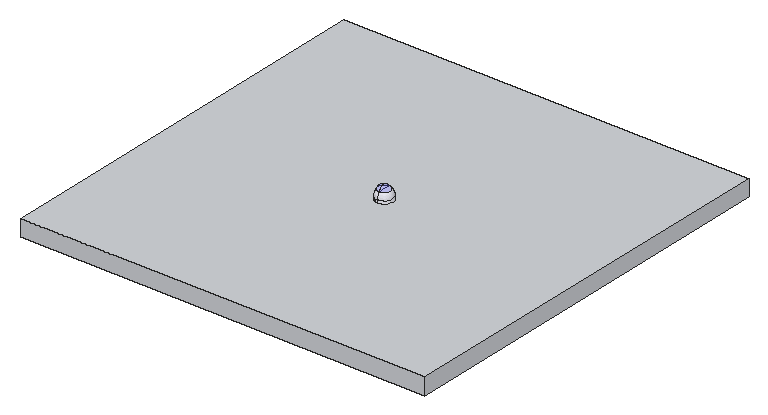
Revit family "BEG-92530", category Dispositifs d'éclairage, Revit 2015
Parameters
  Detection zone [instance] = yes
  URL = "http://www.luxomat.com/en-92530"
  Type of output = "DALI (50 ballasts max)"
  Ambiant temperature = "-25°C to +50°C"
  Ref = "92530"
  Relay = "0"
  height position [instance] = 250 cm
  Modèle = "PD4-M-Dali/DSI-C-SM"
  Installation type = "Ceiling"
  Brand = "LUXOMAT"
  Image du type = 92530.jpg
  IP = "20"
  Mounting height max = Installation height max  # 270 cm
  Installation height max = 270 cm
  Fabricant = "B.E.G"
  Label [instance] = yes
  Default Elevation = 0 cm
  Consumption = "0.84W"
  Commentaires du type = "Occupancy detector PD4-M-Dali/DSI-C-SM"
  Code d'assemblage = "D5010200"
  Class = "2"
  Switching power LED = "0"
  Switching power Cos ɸ =1 = "0"
  Switching power Cos ɸ =0,5 = "0"
  Power voltage = "110-240 V AC"
Reference planes (cm)
  plane 1 "Centre (avant/arrière)": y = 0
  plane 2: z = 0
  plane 3 "Centre (gauche/droite)": x = 0
Forms (cm)
  Extrusion 1, solid
    sketch origin (0, 0, 0) x (1, 0, 0) y (0, 1, 0)
      loop
        line (-121.92, 121.92) -> (-121.92, -121.92) -> (121.92, -121.92) -> (121.92, 121.92) -> (-121.92, 121.92)
    from 0 to -10
Dimensions and locks (cm)
  aligned and locked: plane 2 to Extrusion 1
  aligned and locked: level to Extrusion 1
  aligned and locked: nested 2 to plane 2
Nested families (cm)
  nested 1: "Famille1" at (0, -72.6659, 0) x (-1, 0, 0) z (0, 0, 1), reference <- "Ref", modele <- "Modèle", visible <- "Label", type "Famille1"
    with reference "92530", modele "PD4-M-Dali/DSI-C-SM"
  nested 2: "M14" at (0, 0, 0), type "Standard"
  nested 3: "Symbole plafond 2D couloir" at (0, 0.102, 0), type "Symbole plafond 2D couloir"
  nested 4: "zone I" at (0, 0, 0), visible <- "Detection zone", type "zone I"
    with position 2 320 cm, position 1 960 cm, frontal 800 cm, biais 2400 cm, activité assise 640 cm
Connectors (cm)
  electrical at (0.5717, -0.15, -5.1)
    settings: on nested 2, index 1, voltage 240 V, apparent load 0 VA, apparent load phase1 0 VA, apparent load phase2 0 VA, apparent load phase3 0 VA, power factor 1, load classification "Eclairage", number of poles 1, system type 31, power factor state 1, is connector primary yes, connector utility no, sub classification motor no, connector description ""
Definition of nested family "M14"
  Reference planes (cm)
    plane 1 "Centre (avant/arrière)": y = 0
    plane 2: z = 0
    plane 3 "Centre (gauche/droite)": x = 0
    plane 4: x = 0
  Forms (cm)
    Revolve 1, solid
      sketch origin (0, 0, 0) x (0, -1, 0) y (0, 0, 1)
        loop
          line (0, 0) -> (0, 5) -> (-3.8, 5)
          arc (-3.8, 5) -> (-4.577, 3.2225) -> (-4.8363, 1.3) r 7
          line (-4.8363, 1.3) -> (-4.9363, 1.3) -> (-5.05, 0) -> (0, 0)
        axis (0, 0) -> (0, 5)
      angle from 0 to 360
    Revolve 2, solid
      sketch origin (0, 0, 0) x (0, -1, 0) y (0, 0, 1)
        loop
          arc (0, 7.6) -> (-2.2816, 6.8864) -> (-3.75, 5) r 4.0043
          line (-3.75, 5) -> (0, 5) -> (0, 7.6)
        axis (0, 5) -> (0, 7.6)
      angle from 0 to 360
  Lines and regions (cm)
    reference lines
      curve 1: line (0, 0, 0) -> (0, 0, 7.6)
      curve 2: line (0, 0, 5) -> (0, 3.8, 5)
      curve 3: arc (0, 3.8, 5) -> (0, 4.577, 3.2225) -> (0, 4.8363, 1.3) r 7
      curve 4: line (0, 4.9363, 1.3) -> (0, 4.8363, 1.3)
      curve 5: line (0, 5.05, 0) -> (0, 4.9363, 1.3)
      curve 6: line (0, 0, 0) -> (0, 5.05, 0)
      curve 7: arc (0, 0, 7.6) -> (0, 2.2816, 6.8864) -> (0, 3.75, 5) r 4.0043
      curve 8: line (0, 3.75, 5) -> (0, 0, 5)
      curve 9: line (0, 0, 7.6) -> (0, 0, 5)
      curve 10: line (0, 0, 0) -> (0, 0, 7.6)
  Dimensions and locks (cm)
    aligned and locked: level to plane 2
    aligned and locked: Revolve 1 sketch curve to curve 1  (x2)
    aligned and locked: Revolve 1 sketch curve to curve 2
    aligned and locked: Revolve 1 sketch curve to curve 3
    aligned and locked: Revolve 1 sketch curve to curve 4
    aligned and locked: Revolve 1 sketch curve to curve 5
    aligned and locked: Revolve 1 sketch curve to curve 6
    aligned and locked: Revolve 2 sketch curve to curve 7
    aligned and locked: Revolve 2 sketch curve to curve 8
    aligned and locked: Revolve 2 sketch curve to curve 9
    aligned and locked: Revolve 2 sketch curve to curve 10
Definition of nested family "Famille1"
  Parameters (values of type "Famille1")
    reference [instance] = ""
    modele [instance] = ""
  Reference planes (cm)
    plane 1: y = 0
    plane 2: x = 0
  Text (cm)
    label "reference\n\nmodele" at (0.0074, 0.0451, 0), shows "reference", "modele"
Definition of nested family "Symbole plafond 2D couloir"
  Reference planes (cm)
    plane 1: y = 0
    plane 2: x = 0
  Lines and regions (cm)
    Filled region 1, type "rouge"
      outline origin (0, 0, 0) x (1, 0, 0) y (0, 1, 0)
        loop
          circle (0, 0) r 0.0294
    detail lines
      curve 1: arc (-0.0294, 0, 0) -> (0, -0.0294, 0) -> (0.0294, 0, 0) r 0.0294
      curve 2: arc (0.0294, 0, 0) -> (0, 0.0294, 0) -> (-0.0294, 0, 0) r 0.0294
      curve 3: arc (-0.1768, 0.102, 0) -> (-0.2041, 0, 0) -> (-0.1768, -0.102, 0) r 0.204
      curve 4: arc (0.1766, -0.102, 0) -> (0.2039, 0, 0) -> (0.1766, 0.102, 0) r 0.204
      curve 5: arc (-0.1404, 0.081, 0) -> (-0.1621, 0, 0) -> (-0.1404, -0.081, 0) r 0.162
      curve 6: arc (0.1402, -0.081, 0) -> (0.1619, 0, 0) -> (0.1402, 0.081, 0) r 0.162
      curve 7: arc (-0.104, 0.06, 0) -> (-0.1201, 0, 0) -> (-0.104, -0.06, 0) r 0.12
      curve 8: arc (0.1038, -0.06, 0) -> (0.1199, 0, 0) -> (0.1038, 0.06, 0) r 0.12
Definition of nested family "zone I"
  Parameters (values of type "zone I")
    position 2 [instance] = (frontal / 2) * 0.8  # 320 cm
    position 1 [instance] = (biais / 2) * 0.8  # 960 cm
    frontal [instance] = 800 cm
    biais [instance] = 2400 cm
    activité assise [instance] = 640 cm
  Reference planes (cm)
    plane 1 "Centre (avant/arrière)": y = 0
    plane 2: z = 0
    plane 3 "Centre (gauche/droite)": x = 0
    plane 4: x = 1000
    plane 5: x = -1000
    plane 6: x = -2000
    plane 7: x = 2000
    plane 8: y = 150
    plane 9: y = -150
    plane 10: y = 250
    plane 11: y = -250
  Lines and regions (cm)
    detail lines, in view "Niveau de réf."
      curve 1: spline (2.3068, -307.7265, 0) -> (4.0856, -307.3949, 0) -> (5.7432, -306.4226, 0) -> (7.1667, -304.876, 0) -> (8.2589, -302.8603, 0) -> (8.9455, -300.5131, 0) -> (9.1797, -297.9942, 0) -> (8.9455, -295.4753, 0) -> (8.2589, -293.1281, 0) -> (7.1667, -291.1125, 0) -> (5.7432, -289.5658, 0) -> (4.0856, -288.5936, 0) -> (2.3068, -288.262, 0) -> (0.5279, -288.5936, 0) -> (-1.1297, -289.5658, 0) -> (-2.5531, -291.1125, 0) -> (-3.6453, -293.1281, 0) -> (-4.3319, -295.4753, 0) -> (-4.5661, -297.9942, 0) -> (-4.3319, -300.5131, 0) -> (-3.6453, -302.8603, 0) -> (-2.5531, -304.876, 0) -> (-1.1297, -306.4226, 0) -> (0.5279, -307.3949, 0) -> (2.3068, -307.7265, 0)
      curve 2: line (-4.7649, -295.0929, 0) -> (0.5136, -307.9212, 0)
      curve 3: line (3.5648, -308.0775, 0) -> (9.2455, -294.5266, 0)
      curve 4: line (-0.3759, -288.4588, 0) -> (-3.0011, -290.8806, 0)
      curve 5: line (3.5053, -308.5045, 0) -> (6.62, -308.3756, 0)
      curve 6: line (1.7304, -308.3525, 0) -> (3.5053, -308.5045, 0)
      curve 7: line (-4.7649, -295.0929, 0) -> (0.5136, -307.9212, 0)
      curve 8: line (-21.1936, -295.3894, 0) -> (-24.4202, -297.3623, 0)
      curve 9: line (-21.1936, -295.3894, 0) -> (-24.4202, -297.3623, 0)
      curve 10: line (-0.3759, -288.4588, 0) -> (-3.0011, -290.8806, 0)
      curve 11: line (1.7304, -308.3525, 0) -> (6.62, -308.3756, 0)
      curve 12: line (3.5648, -308.0775, 0) -> (9.2455, -294.5266, 0)
      curve 13: line (0, -280, 0) -> (0, -249.0788, 0)
      curve 14: line (0, -249.0788, 0) -> (0, -240.7814, 0)
      curve 15: spline (-1521.106, -27.7265, 0) -> (-1519.3271, -27.3949, 0) -> (-1517.6695, -26.4226, 0) -> (-1516.2461, -24.876, 0) -> (-1515.1539, -22.8603, 0) -> (-1514.4673, -20.5131, 0) -> (-1514.2331, -17.9942, 0) -> (-1514.4673, -15.4753, 0) -> (-1515.1539, -13.1281, 0) -> (-1516.2461, -11.1125, 0) -> (-1517.6695, -9.5658, 0) -> (-1519.3271, -8.5936, 0) -> (-1521.106, -8.262, 0) -> (-1522.8848, -8.5936, 0) -> (-1524.5424, -9.5658, 0) -> (-1525.9659, -11.1125, 0) -> (-1527.0581, -13.1281, 0) -> (-1527.7447, -15.4753, 0) -> (-1527.9789, -17.9942, 0) -> (-1527.7447, -20.5131, 0) -> (-1527.0581, -22.8603, 0) -> (-1525.9659, -24.876, 0) -> (-1524.5424, -26.4226, 0) -> (-1522.8848, -27.3949, 0) -> (-1521.106, -27.7265, 0)
      curve 16: line (-1528.1777, -15.0929, 0) -> (-1522.8992, -27.9212, 0)
      curve 17: line (-1519.848, -28.0775, 0) -> (-1514.1673, -14.5266, 0)
      curve 18: line (-1523.7887, -8.4588, 0) -> (-1526.4139, -10.8806, 0)
      curve 19: line (-1519.9075, -28.5045, 0) -> (-1516.7928, -28.3756, 0)
      curve 20: line (-1521.6824, -28.3525, 0) -> (-1519.9075, -28.5045, 0)
      curve 21: line (-1528.1777, -15.0929, 0) -> (-1522.8992, -27.9212, 0)
      curve 22: line (-1544.6063, -15.3894, 0) -> (-1547.833, -17.3623, 0)
      curve 23: line (-1544.6063, -15.3894, 0) -> (-1547.833, -17.3623, 0)
      curve 24: line (-1523.7887, -8.4588, 0) -> (-1526.4139, -10.8806, 0)
      curve 25: line (-1521.6824, -28.3525, 0) -> (-1516.7928, -28.3756, 0)
      curve 26: line (-1519.848, -28.0775, 0) -> (-1514.1673, -14.5266, 0)
      curve 27: line (-1523.4128, 0, 0) -> (-1523.4128, 30.9212, 0)
      curve 28: line (-1523.4128, 30.9212, 0) -> (-1523.4128, 39.2186, 0)
      curve 169: spline (-372.7692, 145.0624, 0) -> (-523.6863, 149.8316, 0) -> (-672.4215, 140.7991, 0) -> (-805.2741, 118.7969, 0) -> (-910.0066, 85.8517, 0) -> (-976.9713, 44.9984, 0) -> (-1000, 0, 0) -> (-976.9713, -44.9984, 0) -> (-910.0066, -85.8517, 0) -> (-805.2741, -118.7969, 0) -> (-672.4215, -140.7991, 0) -> (-523.6863, -149.8316, 0) -> (-372.7692, -145.0624, 0)
      curve 170: arc (-1930.5405, 241.3176, 0) -> (-2000, 0, 0) -> (-1930.5405, -241.3176, 0) r 453.9252
      curve 171: line (-852.071, 106.5089, 0) -> (-1930.5405, 241.3176, 0)
      curve 172: line (-852.071, -106.5089, 0) -> (-1930.5405, -241.3176, 0)
      curve 173: arc (-372.7692, -145.0624, 0) -> (0, -400, 0) -> (372.7692, -145.0624, 0) r 400
      curve 174: spline (372.7692, 145.0624, 0) -> (523.6863, 149.8316, 0) -> (672.4215, 140.7991, 0) -> (805.2741, 118.7969, 0) -> (910.0066, 85.8517, 0) -> (976.9713, 44.9984, 0) -> (1000, 0, 0) -> (976.9713, -44.9984, 0) -> (910.0066, -85.8517, 0) -> (805.2741, -118.7969, 0) -> (672.4215, -140.7991, 0) -> (523.6863, -149.8316, 0) -> (372.7692, -145.0624, 0)
      curve 175: arc (1930.5405, 241.3176, 0) -> (2000, 0, 0) -> (1930.5405, -241.3176, 0) r 453.9252
      curve 176: line (852.071, 106.5089, 0) -> (1930.5405, 241.3176, 0)
      curve 177: line (852.071, -106.5089, 0) -> (1930.5405, -241.3176, 0)
      curve 178: arc (372.7692, 145.0624, 0) -> (0, 400, 0) -> (-372.7692, 145.0624, 0) r 400
    detail lines, in view "Niveau de réf.", not visible
      curve 29: spline (925.976, -22.5654, 0) -> (926.342, -22.7186, 0) -> (927.4152, -22.8614, 0) -> (929.1224, -22.984, 0) -> (931.3472, -23.0781, 0) -> (933.938, -23.1373, 0) -> (936.7184, -23.1574, 0) -> (939.4987, -23.1373, 0) -> (942.0896, -23.0781, 0) -> (944.3144, -22.984, 0) -> (946.0216, -22.8614, 0) -> (947.0948, -22.7186, 0) -> (947.4608, -22.5654, 0) -> (947.0948, -22.4122, 0) -> (946.0216, -22.2694, 0) -> (944.3144, -22.1467, 0) -> (942.0896, -22.0527, 0) -> (939.4987, -21.9935, 0) -> (936.7184, -21.9733, 0) -> (933.938, -21.9935, 0) -> (931.3472, -22.0527, 0) -> (929.1224, -22.1467, 0) -> (927.4152, -22.2694, 0) -> (926.342, -22.4122, 0) -> (925.976, -22.5654, 0)
      curve 30: line (925.976, -22.5654, 0) -> (927.5256, -22.2591, 0)
      curve 31: arc (928.6032, -42.366, 0) -> (923.9612, -42.9632, 0) -> (919.6215, -44.716, 0) r 18.3388
      curve 32: arc (919.6215, -44.716, 0) -> (919.5545, -44.7818, 0) -> (919.5297, -44.8725, 0) r 0.1799
      curve 33: arc (928.7956, -42.9577, 0) -> (924.5053, -43.3576, 0) -> (920.3988, -44.6624, 0) r 20.1051
      curve 34: arc (920.3988, -44.6624, 0) -> (920.213, -44.7562, 0) -> (920.0404, -44.8725, 0) r 1.6679
      curve 35: circle (919.7851, -45.6065, 0) r 0.5096 normal (0, 0, 1)
      curve 36: arc (920.3547, -45.6065, 0) -> (919.7851, -45.0369, 0) -> (919.2155, -45.6065, 0) r 0.5696
      curve 37: arc (920.4147, -45.6065, 0) -> (919.7851, -44.9769, 0) -> (919.1555, -45.6065, 0) r 0.6296
      curve 38: arc (944.8336, -42.366, 0) -> (949.4756, -42.9632, 0) -> (953.8152, -44.716, 0) r 18.3388
      curve 39: arc (953.8152, -44.716, 0) -> (953.8823, -44.7818, 0) -> (953.907, -44.8725, 0) r 0.1799
      curve 40: arc (944.6412, -42.9577, 0) -> (948.9315, -43.3576, 0) -> (953.038, -44.6624, 0) r 20.1051
      curve 41: arc (953.038, -44.6624, 0) -> (953.2237, -44.7562, 0) -> (953.3964, -44.8725, 0) r 1.6679
      curve 42: circle (953.6517, -45.6065, 0) r 0.5096 normal (0, 0, 1)
      curve 43: arc (954.2213, -45.6065, 0) -> (953.6517, -45.0369, 0) -> (953.0821, -45.6065, 0) r 0.5696
      curve 44: arc (954.2813, -45.6065, 0) -> (953.6517, -44.9769, 0) -> (953.0221, -45.6065, 0) r 0.6296
      curve 45: arc (935.9933, -42.366, 0) -> (932.2655, -43.2182, 0) -> (928.7471, -44.716, 0) r 21.5424
      curve 46: arc (928.7471, -44.716, 0) -> (928.68, -44.7818, 0) -> (928.6553, -44.8725, 0) r 0.1799
      curve 47: arc (935.9933, -42.9577, 0) -> (932.6991, -43.5833, 0) -> (929.5243, -44.6624, 0) r 23.9713
      curve 48: arc (929.5243, -44.6624, 0) -> (929.3417, -44.7544, 0) -> (929.1716, -44.8681, 0) r 1.6679
      curve 49: arc (936.2298, -42.9577, 0) -> (932.9838, -43.6066, 0) -> (929.8464, -44.6624, 0) r 26.0219
      curve 50: arc (929.8464, -44.6624, 0) -> (929.6606, -44.7562, 0) -> (929.488, -44.8725, 0) r 1.6679
      curve 51: circle (929.0716, -45.6065, 0) r 0.5096 normal (0, 0, 1)
      curve 52: arc (929.6412, -45.6065, 0) -> (929.0716, -45.0369, 0) -> (928.502, -45.6065, 0) r 0.5696
      curve 53: arc (929.7012, -45.6065, 0) -> (929.0716, -44.9769, 0) -> (928.442, -45.6065, 0) r 0.6296
      curve 54: arc (937.4435, -42.366, 0) -> (941.1713, -43.2182, 0) -> (944.6897, -44.716, 0) r 21.5424
      curve 55: arc (944.6897, -44.716, 0) -> (944.7568, -44.7818, 0) -> (944.7815, -44.8725, 0) r 0.1799
      curve 56: arc (937.4435, -42.9577, 0) -> (940.7377, -43.5833, 0) -> (943.9124, -44.6624, 0) r 23.9713
      curve 57: arc (943.9124, -44.6624, 0) -> (944.0982, -44.7562, 0) -> (944.2708, -44.8725, 0) r 1.6679
      curve 58: arc (937.207, -42.9577, 0) -> (940.453, -43.6066, 0) -> (943.5904, -44.6624, 0) r 26.0219
      curve 59: arc (943.5904, -44.6624, 0) -> (943.7762, -44.7562, 0) -> (943.9488, -44.8725, 0) r 1.6679
      curve 60: circle (944.3651, -45.6065, 0) r 0.5096 normal (0, 0, 1)
      curve 61: arc (944.9347, -45.6065, 0) -> (944.3651, -45.0369, 0) -> (943.7956, -45.6065, 0) r 0.5696
      curve 62: arc (944.9947, -45.6065, 0) -> (944.3651, -44.9769, 0) -> (943.7356, -45.6065, 0) r 0.6296
      curve 63: arc (928.2447, -16.9067, 0) -> (929.3751, -19.9599, 0) -> (932.3873, -21.1953, 0) r 4.0512
      curve 64: arc (947.5341, -21.5503, 0) -> (948.2989, -21.9955, 0) -> (948.4581, -22.866, 0) r 1.0582
      curve 65: arc (948.4581, -22.866, 0) -> (947.1637, -32.0042, 0) -> (947.1824, -41.2336, 0) r 64.7189
      curve 66: arc (947.1824, -41.2336, 0) -> (947.3196, -41.7803, 0) -> (947.8, -42.0753, 0) r 0.7467
      curve 67: arc (947.8, -42.0753, 0) -> (950.8812, -42.6489, 0) -> (954.0146, -42.7177, 0) r 19.3577
      curve 68: arc (954.0146, -42.7177, 0) -> (953.6164, -42.2163, 0) -> (953.0065, -42.0212, 0) r 1.1013
      curve 69: arc (953.0065, -42.0212, 0) -> (950.8253, -41.5868, 0) -> (948.6939, -40.9514, 0) r 23.8747
      curve 70: arc (948.6939, -40.9514, 0) -> (949.6481, -32.326, 0) -> (950.4047, -23.6811, 0) r 379.1961
      curve 71: arc (950.4047, -23.6811, 0) -> (950.1819, -20.9354, 0) -> (948.1945, -19.0278, 0) r 3.8846
      curve 72: arc (948.1945, -19.0278, 0) -> (942.0386, -16.9625, 0) -> (935.5985, -16.1341, 0) r 33.2193
      curve 73: arc (935.5985, -16.1341, 0) -> (936.4011, -8.4722, 0) -> (936.3918, -0.7683, 0) r 72.9952
      curve 74: arc (936.1411, 2.5028, 0) -> (936.0331, 3.5186, 0) -> (935.9108, 4.5328, 0) r 72.9952
      curve 75: arc (933.0779, 4.298, 0) -> (930.9101, 3.5141, 0) -> (931.7641, 1.3729, 0) r 1.6042
      curve 76: arc (935.9108, 4.5328, 0) -> (932.5228, 6.4802, 0) -> (929.1348, 4.5328, 0) r 3.9209
      curve 77: arc (962.4108, -5.4595, 0) -> (962.3989, -5.5507, 0) -> (962.3115, -5.5223, 0) r 0.0597
      curve 78: arc (960.275, -5.2364, 0) -> (960.303, -5.394, 0) -> (960.1444, -5.4151, 0) r 0.1108
      curve 79: spline (932.3619, 15.8637, 0) -> (933.2734, 15.7331, 0) -> (934.1297, 15.3083, 0) -> (934.8726, 14.6182, 0) -> (935.4514, 13.7099, 0) -> (935.8267, 12.6452, 0) -> (935.9728, 11.4968, 0) -> (935.8798, 10.3428, 0) -> (935.5541, 9.262, 0) -> (935.0179, 8.3279, 0) -> (934.3076, 7.6043, 0) -> (933.4718, 7.1404, 0) -> (932.5673, 6.9679, 0) -> (931.6558, 7.0985, 0) -> (930.7994, 7.5233, 0) -> (930.0565, 8.2134, 0) -> (929.4777, 9.1217, 0) -> (929.1025, 10.1864, 0) -> (928.9564, 11.3348, 0) -> (929.0493, 12.4888, 0) -> (929.375, 13.5696, 0) -> (929.9113, 14.5037, 0) -> (930.6215, 15.2273, 0) -> (931.4574, 15.6912, 0) -> (932.3619, 15.8637, 0)
      curve 80: line (957.0918, -46.116, 0) -> (997.8768, -46.116, 0)
      curve 81: line (997.8768, -46.116, 0) -> (997.8768, -7.1091, 0)
      curve 82: line (997.8768, -7.1091, 0) -> (957.0918, -7.1091, 0)
      curve 83: line (957.0918, -7.1091, 0) -> (957.0918, -46.116, 0)
      curve 84: line (957.0918, -46.116, 0) -> (910.5345, -46.116, 0)
      curve 85: line (951.1501, -7.1091, 0) -> (1003.8185, -7.1091, 0)
      curve 86: line (1003.8185, -7.1091, 0) -> (1003.8185, -5.6427, 0)
      curve 87: line (1003.8185, -5.6427, 0) -> (951.1501, -5.6427, 0)
      curve 88: line (951.1501, -5.6427, 0) -> (951.1501, -7.1091, 0)
      curve 89: line (935.7304, -23.1574, 0) -> (937.7064, -23.1574, 0)
      curve 90: line (937.7064, -23.1574, 0) -> (937.7064, -42.366, 0)
      curve 91: line (937.7064, -42.366, 0) -> (935.7304, -42.366, 0)
      curve 92: line (935.7304, -42.366, 0) -> (935.7304, -23.1574, 0)
      curve 93: line (935.7304, -42.366, 0) -> (928.6032, -42.366, 0)
      curve 94: line (919.5297, -44.8725, 0) -> (920.0404, -44.8725, 0)
      curve 95: line (937.4435, -42.366, 0) -> (937.207, -42.9577, 0)
      curve 96: line (937.207, -42.9577, 0) -> (937.4435, -42.9577, 0)
      curve 97: line (937.4435, -42.9577, 0) -> (936.7184, -42.9577, 0)
      curve 98: line (936.7184, -42.9577, 0) -> (935.9933, -42.9577, 0)
      curve 99: line (935.9933, -42.9577, 0) -> (936.2298, -42.9577, 0)
      curve 100: line (936.2298, -42.9577, 0) -> (935.9933, -42.366, 0)
      curve 101: line (933.13, -42.9577, 0) -> (928.7956, -42.9577, 0)
      curve 102: line (919.2155, -45.6065, 0) -> (919.1555, -45.6065, 0)
      curve 103: line (920.3547, -45.6065, 0) -> (920.4147, -45.6065, 0)
      curve 104: line (919.8851, -44.9848, 0) -> (919.8851, -44.8725, 0)
      curve 105: line (919.6851, -44.9848, 0) -> (919.6851, -44.8725, 0)
      curve 106: line (937.7064, -42.366, 0) -> (944.8336, -42.366, 0)
      curve 107: line (953.907, -44.8725, 0) -> (953.3964, -44.8725, 0)
      curve 108: line (940.3068, -42.9577, 0) -> (944.6412, -42.9577, 0)
      curve 109: line (954.2213, -45.6065, 0) -> (954.2813, -45.6065, 0)
      curve 110: line (953.0821, -45.6065, 0) -> (953.0221, -45.6065, 0)
      curve 111: line (953.5517, -44.9848, 0) -> (953.5517, -44.8725, 0)
      curve 112: line (953.7517, -44.9848, 0) -> (953.7517, -44.8725, 0)
      curve 113: line (928.6553, -44.8725, 0) -> (929.488, -44.8725, 0)
      curve 114: line (928.502, -45.6065, 0) -> (928.442, -45.6065, 0)
      curve 115: line (929.6412, -45.6065, 0) -> (929.7012, -45.6065, 0)
      curve 116: line (929.1716, -44.9848, 0) -> (929.1716, -44.8681, 0)
      curve 117: line (928.9716, -44.9848, 0) -> (928.9716, -44.8725, 0)
      curve 118: line (944.7815, -44.8725, 0) -> (943.9488, -44.8725, 0)
      curve 119: line (944.9347, -45.6065, 0) -> (944.9947, -45.6065, 0)
      curve 120: line (943.7956, -45.6065, 0) -> (943.7356, -45.6065, 0)
      curve 121: line (944.2651, -44.9848, 0) -> (944.2651, -44.8725, 0)
      curve 122: line (944.4651, -44.9848, 0) -> (944.4651, -44.8725, 0)
      curve 123: line (932.3873, -21.1953, 0) -> (947.5341, -21.5503, 0)
      curve 124: line (928.2447, -16.9067, 0) -> (929.1348, 4.5328, 0)
      curve 125: line (933.0779, 4.298, 0) -> (945.9271, -3.2324, 0)
      curve 126: line (945.9271, -3.2324, 0) -> (956.9598, -4.1102, 0)
      curve 127: line (956.9598, -4.1102, 0) -> (959.6493, -4.0553, 0)
      curve 128: line (959.6493, -4.0553, 0) -> (961.5155, -4.4943, 0)
      curve 129: line (961.5155, -4.4943, 0) -> (962.4108, -5.4595, 0)
      curve 130: line (962.3115, -5.5223, 0) -> (961.4719, -4.6876, 0)
      curve 131: line (961.4719, -4.6876, 0) -> (959.6412, -4.4783, 0)
      curve 132: line (959.6412, -4.4783, 0) -> (959.2367, -4.7524, 0)
      curve 133: line (959.2367, -4.7524, 0) -> (960.275, -5.2364, 0)
      curve 134: line (960.1444, -5.4151, 0) -> (958.5871, -4.8823, 0)
      curve 135: line (958.5871, -4.8823, 0) -> (956.7566, -5.1214, 0)
      curve 136: line (956.7566, -5.1214, 0) -> (945.2383, -4.8614, 0)
      curve 137: line (945.2383, -4.8614, 0) -> (931.7641, 1.3729, 0)
      curve 138: line (931.3882, 7.1969, 0) -> (931.2583, 6.2707, 0)
      curve 139: line (933.7384, 7.2529, 0) -> (933.8809, 6.2375, 0)
      curve 140: line (997.8768, -46.116, 0) -> (1009.4512, -46.116, 0)
      curve 141: spline (630.3724, -48.277, 0) -> (632.1512, -47.9453, 0) -> (633.8088, -46.9731, 0) -> (635.2323, -45.4264, 0) -> (636.3245, -43.4108, 0) -> (637.0111, -41.0636, 0) -> (637.2453, -38.5447, 0) -> (637.0111, -36.0258, 0) -> (636.3245, -33.6786, 0) -> (635.2323, -31.663, 0) -> (633.8088, -30.1163, 0) -> (632.1512, -29.1441, 0) -> (630.3724, -28.8124, 0) -> (628.5935, -29.1441, 0) -> (626.9359, -30.1163, 0) -> (625.5125, -31.663, 0) -> (624.4202, -33.6786, 0) -> (623.7336, -36.0258, 0) -> (623.4995, -38.5447, 0) -> (623.7336, -41.0636, 0) -> (624.4202, -43.4108, 0) -> (625.5125, -45.4264, 0) -> (626.9359, -46.9731, 0) -> (628.5935, -47.9453, 0) -> (630.3724, -48.277, 0)
      curve 142: line (623.3007, -35.6434, 0) -> (628.5792, -48.4717, 0)
      curve 143: line (631.6303, -48.628, 0) -> (637.311, -35.0771, 0)
      curve 144: line (627.6897, -29.0093, 0) -> (625.0645, -31.4311, 0)
      curve 145: line (631.5709, -49.055, 0) -> (634.6856, -48.9261, 0)
      curve 146: line (629.7959, -48.903, 0) -> (631.5709, -49.055, 0)
      curve 147: line (623.3007, -35.6434, 0) -> (628.5792, -48.4717, 0)
      curve 148: line (606.872, -35.9399, 0) -> (603.6454, -37.9127, 0)
      curve 149: line (606.872, -35.9399, 0) -> (603.6454, -37.9127, 0)
      curve 150: line (627.6897, -29.0093, 0) -> (625.0645, -31.4311, 0)
      curve 151: line (629.7959, -48.903, 0) -> (634.6856, -48.9261, 0)
      curve 152: line (631.6303, -48.628, 0) -> (637.311, -35.0771, 0)
      curve 153: line (628.0656, -20.5505, 0) -> (628.0656, 10.3707, 0)
      curve 154: line (628.0656, 10.3707, 0) -> (628.0656, 18.6681, 0)
      curve 155: spline (1030.3724, -260.777, 0) -> (1032.1512, -260.4453, 0) -> (1033.8088, -259.4731, 0) -> (1035.2323, -257.9264, 0) -> (1036.3245, -255.9108, 0) -> (1037.0111, -253.5636, 0) -> (1037.2453, -251.0447, 0) -> (1037.0111, -248.5258, 0) -> (1036.3245, -246.1786, 0) -> (1035.2323, -244.163, 0) -> (1033.8088, -242.6163, 0) -> (1032.1512, -241.6441, 0) -> (1030.3724, -241.3124, 0) -> (1028.5935, -241.6441, 0) -> (1026.9359, -242.6163, 0) -> (1025.5125, -244.163, 0) -> (1024.4202, -246.1786, 0) -> (1023.7336, -248.5258, 0) -> (1023.4995, -251.0447, 0) -> (1023.7336, -253.5636, 0) -> (1024.4202, -255.9108, 0) -> (1025.5125, -257.9264, 0) -> (1026.9359, -259.4731, 0) -> (1028.5935, -260.4453, 0) -> (1030.3724, -260.777, 0)
      curve 156: line (1023.3007, -248.1434, 0) -> (1028.5792, -260.9717, 0)
      curve 157: line (1031.6303, -261.128, 0) -> (1037.311, -247.5771, 0)
      curve 158: line (1027.6897, -241.5093, 0) -> (1025.0645, -243.9311, 0)
      curve 159: line (1031.5709, -261.555, 0) -> (1034.6856, -261.4261, 0)
      curve 160: line (1029.7959, -261.403, 0) -> (1031.5709, -261.555, 0)
      curve 161: line (1023.3007, -248.1434, 0) -> (1028.5792, -260.9717, 0)
      curve 162: line (1006.872, -248.4399, 0) -> (1003.6454, -250.4127, 0)
      curve 163: line (1006.872, -248.4399, 0) -> (1003.6454, -250.4127, 0)
      curve 164: line (1027.6897, -241.5093, 0) -> (1025.0645, -243.9311, 0)
      curve 165: line (1029.7959, -261.403, 0) -> (1034.6856, -261.4261, 0)
      curve 166: line (1031.6303, -261.128, 0) -> (1037.311, -247.5771, 0)
      curve 167: line (1028.0656, -233.0505, 0) -> (1028.0656, -202.1293, 0)
      curve 168: line (1028.0656, -202.1293, 0) -> (1028.0656, -193.8319, 0)
  Text (cm)
    text "2" at (0.4332, -321.3743, 0), in view "Niveau de réf."
    text "1" at (-1522.9796, -41.3743, 0), in view "Niveau de réf."
    text "1" at (628.4988, -61.9248, 0), in view "Niveau de réf.", not visible
    text "2" at (1028.4988, -274.4248, 0), in view "Niveau de réf.", not visible
  Dimensions and locks (cm)
    aligned and locked: curve 27 to plane 1 "Centre (avant/arrière)"
    aligned and locked: curve 13 to plane 3 "Centre (gauche/droite)"
